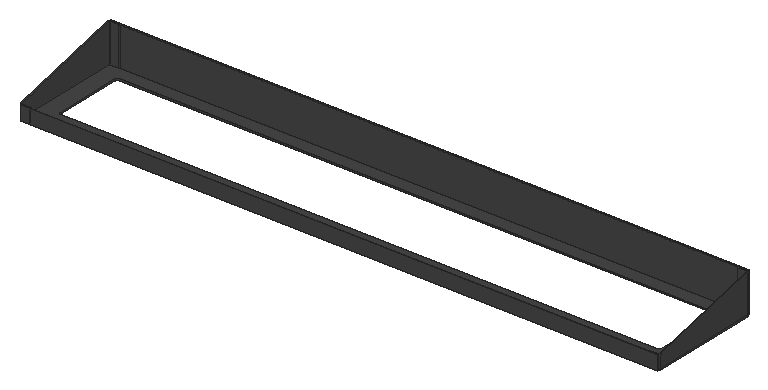
Revit family "NBS_DudleyIndustriesLimited_BthrmCbnts_ModuloSlimlineBehindTheMirrorHandHygieneSystemBaseShelf_92404BK", category Casework, Revit 2019
Family settings
  Work Plane-Based = No
  Always vertical = Yes
  Cut with Voids When Loaded = No
  Shared = No
  Room Calculation Point = No
Parameters
  WarrantyStartDate [instance] = "1900-12-31T23:59:59"
  WarrantyGuarantorParts = "n/a"
  WarrantyGuarantorLabor = "n/a"
  WarrantyDurationUnit = "year"
  WarrantyDurationParts = "n/a"
  WarrantyDurationLabor = "n/a"
  WarrantyDescription = "Ten year"
  Version = "1"  # constant formula
  Uniclass2015Version = "Products v1.22"
  Uniclass2015Title = "Bathroom cabinets"
  Uniclass2015Code = "Pr_40_30_87_03"
  TagNumber [instance] = "n/a"
  SustainabilityPerformance = "n/a"
  SizeNominal = "1196 x 75 x 212 mm"
  Size = "1196 x 75 x 212 mm"
  ShelvesMaterial = "n/a"
  ShelvesFinishAndColour = "n/a"
  ShelvesArrangement = "n/a"
  ShelfWidth = 1196 mm
  ShelfMaterial = NBS_DudleyIndustriesLimited_StainlessSteel_MatteBlackPowderCoated
  ShelfHeight = 75 mm  # constant formula
  ShelfDepth = 212 mm  # constant formula
  Shape = "Rectangle"
  SerialNumber [instance] = "n/a"
  ReplacementCost = "n/a"
  RecycledContent = "n/a"
  Recyclability = "n/a"
  ProductInformation = "n/a"
  NominalWidth = 1196 mm
  NominalLength = 0 mm
  NominalHeight = 75 mm
  Name = "BathroomCabinets_ModuloSlimlineBehindTheMirrorHandHygieneSystemBaseShelf_92404BK_DudleyIndustriesLimited"
  NBSCertification = "www.nationalbimlibrary.com/cert/nrjfsg3y"
  ModelReference = "92404BK Modulo Slimline Base Shelf"
  ModelNumber = "n/a"
  Material = "Stainless steel"
  ManufacturerURL = "www.dudleyindustries.com"
  ManufacturerName = "Dudley Industries Limited"  # constant formula
  Manufacturer = "sales@dudleyindustries.com"
  IntegralAccessories = "Hairdryers.,Paper towel dispenser.,Soap dispensers"
  InstallationDate [instance] = "1900-12-31T23:59:59"
  IfcExportType = "NOTDEFINED"  # constant formula
  IfcExportAs = "IfcFurnitureType"  # constant formula
  Grade = "n/a"
  Form = "Fixed to wall bracket"
  Finish = "Powder-coated"
  Features = "n/a"
  ExpectedLife = "n/a"
  EmbodiedCarbon = "n/a"
  DurationUnit = "year"
  DoorsMaterial = "n/a"
  DoorsHinges = "n/a"
  DoorsHandles = "n/a"
  DoorsFinishAndColour = "n/a"
  DoorsEdges = "n/a"
  DoorsArrangement = "n/a"
  Description = "Bathroom cabinet"
  CountryOfProductManufacture = "n/a"
  CountryOfMaterialOrigin = "n/a"
  ContainsRedListMaterials = "n/a"
  Constituents = "n/a"
  Color = "Black"
  CodePerformance = "n/a"
  Category = "Pr_40_30_87_03:Bathroom cabinets"
  CarcassMaterials = "Stainless steel"
  CarcassFinishAndColour = "Matte black powder coated"
  BlankingPlates = "Not required.,Required"
  BarCode [instance] = "n/a"
  BIMObjectName = "NBS_DudleyIndustriesLimited_BathroomCabinets_ModuloSlimlineBehindTheMirrorHandHygieneSystemBaseShelf_92404BK"
  Author = "NBS"  # constant formula
  AssetType = "Fixed"
  AssetIdentifier [instance] = "n/a"
  AccessibilityPerformance = "n/a"
Reference planes
  plane 1 "Center (Front/Back)": y = 0
  plane 2 "Bottom": z = 0
  plane 3 "Center (Left/Right)": x = 0
  plane 4 "Left": x = -598
  plane 5 "Right": x = 598
  plane 6 "Back": y = 106
  plane 7 "Front": y = -106
  plane 8 "Top": z = 75
  plane 9: z = 26
  plane 10: y = 103.8
  plane 11: y = -103.8
  plane 12: z = 2.2
  plane 13: x = 596.8
  plane 14: x = -596.8
  plane 15: y = 104.25
  plane 16: y = 103.05
  plane 17: y = -104.25
  plane 18: y = -103.05
  plane 19: x = 578.8
  plane 20: x = -578.8
  plane 21: z = 85
  plane 22: z = 95
  plane 23: x = 595.8
  plane 24: x = -595.8
  plane 25: y = 78.4
  plane 26: y = -59.6
  plane 27: x = -562
  plane 28: x = 562
Forms (mm)
  Extrusion 1, solid, material "NBS_DudleyIndustriesLimited_StainlessSteel_MatteBlackPowderCoated" <- "ShelfMaterial", detail levels medium+fine
    sketch origin (0, 0, 0) x (-1, 0, 0) y (0, -1, 0)
      loop
        line (578.8, -103.05) -> (578.8, -104.25) -> (595.835, -104.25)
        arc (595.835, -104.25) -> (597.366, -103.616) -> (598, -102.085) r 2.165
        line (598, -102.085) -> (598, 102.085)
        arc (598, 102.085) -> (597.366, 103.616) -> (595.835, 104.25) r 2.165
        line (595.835, 104.25) -> (578.8, 104.25) -> (578.8, 103.05) -> (595.799, 103.05)
        arc (595.799, 103.05) -> (596.507, 102.757) -> (596.8, 102.049) r 1.001
        line (596.8, 102.049) -> (596.8, -102.049)
        arc (596.8, -102.049) -> (596.507, -102.757) -> (595.799, -103.05) r 1.001
        line (595.799, -103.05) -> (578.8, -103.05)
    from 2.2 to 85
  Extrusion 2, solid, material "NBS_DudleyIndustriesLimited_StainlessSteel_MatteBlackPowderCoated" <- "ShelfMaterial", detail levels medium+fine
    sketch origin (0, 0, 0) x (1, 0, 0) y (0, 1, 0)
      loop
        line (578.8, 103.05) -> (595.799, 103.05)
        arc (595.799, 103.05) -> (596.507, 102.757) -> (596.8, 102.049) r 1.001
        line (596.8, 102.049) -> (596.8, -102.049)
        arc (596.8, -102.049) -> (596.507, -102.757) -> (595.799, -103.05) r 1.001
        line (595.799, -103.05) -> (578.8, -103.05) -> (578.8, -104.25) -> (595.835, -104.25)
        arc (595.835, -104.25) -> (597.366, -103.616) -> (598, -102.085) r 2.165
        line (598, -102.085) -> (598, 102.085)
        arc (598, 102.085) -> (597.366, 103.616) -> (595.835, 104.25) r 2.165
        line (595.835, 104.25) -> (578.8, 104.25) -> (578.8, 103.05)
    from 2.2 to 85
  Extrusion 3, void
    sketch origin (0, 0, 0) x (0, 1, 0) y (0, 0, 1)
      loop
        line (-104.25, 26) -> (104.25, 75) -> (104.25, 95) -> (-104.25, 95) -> (-104.25, 26)
    from -598 to 598
  Extrusion 4, solid, material "NBS_DudleyIndustriesLimited_StainlessSteel_MatteBlackPowderCoated" <- "ShelfMaterial", detail levels medium+fine
    sketch origin (0, 0, 0) x (1, 0, 0) y (0, 1, 0)
      loop
        line (-595.8, -104.25) -> (-595.8, -106) -> (595.8, -106) -> (595.8, -104.25) -> (-595.8, -104.25)
    from 0 to 26
  Extrusion 5, solid, material "NBS_DudleyIndustriesLimited_StainlessSteel_MatteBlackPowderCoated" <- "ShelfMaterial", detail levels medium+fine
    sketch origin (0, 0, 0) x (1, 0, 0) y (0, 1, 0)
      loop
        line (-595.8, 104.25) -> (595.8, 104.25) -> (595.8, 106) -> (-595.8, 106) -> (-595.8, 104.25)
    from 0 to 75
  Extrusion 6, solid, material "NBS_DudleyIndustriesLimited_StainlessSteel_MatteBlackPowderCoated" <- "ShelfMaterial", detail levels medium+fine
    sketch origin (0, 0, 0) x (1, 0, 0) y (0, 1, 0)
      loop
        arc (-595.835, 104.25) -> (-597.366, 103.616) -> (-598, 102.085) r 2.165
        line (-598, 102.085) -> (-598, -102.085)
        arc (-598, -102.085) -> (-597.366, -103.616) -> (-595.835, -104.25) r 2.165
        line (-595.835, -104.25) -> (595.835, -104.25)
        arc (595.835, -104.25) -> (597.366, -103.616) -> (598, -102.085) r 2.165
        line (598, -102.085) -> (598, 102.085)
        arc (598, 102.085) -> (597.366, 103.616) -> (595.835, 104.25) r 2.165
        line (595.835, 104.25) -> (-595.835, 104.25)
      loop
        arc (-557, 78.4) -> (-560.536, 76.936) -> (-562, 73.4) r 5
        line (-562, 73.4) -> (-562, -54.6)
        arc (-562, -54.6) -> (-560.536, -58.136) -> (-557, -59.6) r 5
        line (-557, -59.6) -> (557, -59.6)
        arc (557, -59.6) -> (560.536, -58.136) -> (562, -54.6) r 5
        line (562, -54.6) -> (562, 73.4)
        arc (562, 73.4) -> (560.536, 76.936) -> (557, 78.4) r 5
        line (557, 78.4) -> (-557, 78.4)
    from 0 to 2.2
  Extrusion 7, solid, material "NBS_DudleyIndustriesLimited_StainlessSteel_MatteBlackPowderCoated" <- "ShelfMaterial", detail levels coarse
    sketch origin (0, 0, 0) x (1, 0, 0) y (0, 1, 0)
      loop
        line (-598, 106) -> (-598, -106) -> (598, -106) -> (598, 106) -> (-598, 106)
    from 0 to 2.2
  Extrusion 8, solid, material "NBS_DudleyIndustriesLimited_StainlessSteel_MatteBlackPowderCoated" <- "ShelfMaterial", detail levels coarse
    sketch origin (0, 0, 0) x (1, 0, 0) y (0, 1, 0)
      loop
        line (-598, 106) -> (-598, -106) -> (598, -106) -> (598, 106) -> (-598, 106)
      loop
        line (-596.8, 104.25) -> (-596.8, -104.25) -> (596.8, -104.25) -> (596.8, 104.25) -> (-596.8, 104.25)
    from 2.2 to 85
  Extrusion 9, void
    sketch origin (0, 0, 0) x (0, 1, 0) y (0, 0, 1)
      loop
        line (-104.25, 26) -> (104.25, 75) -> (106, 75) -> (106, 95) -> (-106, 95) -> (-106, 26) -> (-104.25, 26)
    from -598 to 598
Cuts and joins
  Extrusion 3 cuts Extrusion 2
  Extrusion 3 cuts Extrusion 1
  Extrusion 9 cuts Extrusion 8
Dimensions and locks
  equal spacing: plane 4 "Left", plane 3 "Center (Left/Right)", plane 5 "Right"
  "ShelfWidth": plane 4 "Left" to plane 5 "Right"
  "ShelfDepth": plane 7 "Front" to plane 6 "Back"
  plane 4 "Left" to plane 14 to plane 24 to plane 20 to plane 27 = 1.2 mm locked, 1 mm locked, 17 mm locked, 16.8 mm locked
  plane 28 to plane 19 to plane 23 to plane 13 to plane 5 "Right" = 16.8 mm locked, 17 mm locked, 1 mm locked, 1.2 mm locked
  "ShelfHeight": plane 8 "Top" to plane 2 "Bottom"
  radius of Extrusion 1 sketch curve = 1.001 mm  (x2)
  radius of Extrusion 1 sketch curve = 2.165 mm  (x2)
  radius of Extrusion 2 sketch curve = 1.001 mm  (x2)
  radius of Extrusion 2 sketch curve = 2.165 mm  (x2)
  radius of Extrusion 6 sketch curve = 2.165 mm  (x4)
  radius of Extrusion 6 sketch curve = 5 mm  (x4)
  aligned and locked: level to plane 2 "Bottom"
  aligned and locked: Extrusion 1 sketch curve to plane 15
  aligned and locked: plane 16 to Extrusion 1 sketch curve
  aligned and locked: Extrusion 1 sketch curve to plane 18
  aligned and locked: plane 17 to Extrusion 1 sketch curve
  aligned and locked: plane 4 "Left" to Extrusion 1 sketch curve
  aligned and locked: Extrusion 1 sketch curve to plane 14
  aligned and locked: Extrusion 1 sketch curve to plane 20  (x2)
  aligned and locked: plane 21 to Extrusion 1
  aligned and locked: Extrusion 2 sketch curve to plane 15
  aligned and locked: plane 16 to Extrusion 2 sketch curve
  aligned and locked: Extrusion 2 sketch curve to plane 13
  aligned and locked: plane 5 "Right" to Extrusion 2 sketch curve
  aligned and locked: plane 19 to Extrusion 2 sketch curve  (x2)
  aligned and locked: Extrusion 2 sketch curve to plane 18
  aligned and locked: plane 17 to Extrusion 2 sketch curve
  aligned and locked: plane 21 to Extrusion 2
  aligned and locked: plane 22 to Extrusion 3
  aligned and locked: Extrusion 3 to plane 4 "Left"
  aligned and locked: plane 5 "Right" to Extrusion 3
  aligned and locked: Extrusion 4 sketch curve to plane 17
  aligned and locked: plane 24 to Extrusion 4 sketch curve
  aligned and locked: plane 23 to Extrusion 4 sketch curve
  aligned and locked: Extrusion 4 to plane 2 "Bottom"
  aligned and locked: plane 9 to Extrusion 4
  aligned and locked: Extrusion 4 sketch curve to plane 7 "Front"
  aligned and locked: Extrusion 5 sketch curve to plane 6 "Back"
  aligned and locked: Extrusion 5 sketch curve to plane 15
  aligned and locked: Extrusion 5 sketch curve to plane 24
  aligned and locked: Extrusion 5 sketch curve to plane 23
  aligned and locked: Extrusion 5 to plane 2 "Bottom"
  aligned and locked: plane 8 "Top" to Extrusion 5
  aligned and locked: Extrusion 6 sketch curve to plane 28
  aligned and locked: Extrusion 6 sketch curve to plane 25
  aligned and locked: Extrusion 6 sketch curve to plane 26
  aligned and locked: Extrusion 6 sketch curve to plane 27
  aligned and locked: plane 4 "Left" to Extrusion 6 sketch curve
  aligned and locked: Extrusion 6 sketch curve to plane 17
  aligned and locked: Extrusion 6 sketch curve to plane 15
  aligned and locked: Extrusion 6 sketch curve to plane 5 "Right"
  aligned and locked: plane 12 to Extrusion 6
  aligned and locked: Extrusion 6 to plane 2 "Bottom"
  aligned and locked: cut or joined group of Extrusion 1, Extrusion 3 to plane 12
  aligned and locked: cut or joined group of Extrusion 2, Extrusion 3 to plane 12
  aligned and locked: Extrusion 7 sketch curve to plane 5 "Right"
  aligned and locked: Extrusion 7 sketch curve to plane 7 "Front"
  aligned and locked: plane 4 "Left" to Extrusion 7 sketch curve
  aligned and locked: plane 6 "Back" to Extrusion 7 sketch curve
  aligned and locked: plane 12 to Extrusion 7
  aligned and locked: Extrusion 7 to plane 2 "Bottom"
  aligned and locked: Extrusion 8 sketch curve to plane 5 "Right"
  aligned and locked: Extrusion 8 sketch curve to plane 7 "Front"
  aligned and locked: plane 4 "Left" to Extrusion 8 sketch curve
  aligned and locked: plane 6 "Back" to Extrusion 8 sketch curve
  aligned and locked: Extrusion 8 sketch curve to plane 17
  aligned and locked: Extrusion 8 sketch curve to plane 13
  aligned and locked: plane 14 to Extrusion 8 sketch curve
  aligned and locked: Extrusion 8 sketch curve to plane 15
  aligned and locked: Extrusion 8 to plane 12
  aligned and locked: plane 21 to Extrusion 8
  aligned and locked: Extrusion 9 sketch curve to plane 7 "Front"
  aligned and locked: plane 22 to Extrusion 9 sketch curve
  aligned and locked: Extrusion 9 sketch curve to plane 6 "Back"
  aligned and locked: Extrusion 9 sketch curve to plane 8 "Top"
  aligned and locked: plane 9 to Extrusion 9 sketch curve
  aligned and locked: Extrusion 9 to plane 4 "Left"
  aligned and locked: plane 5 "Right" to Extrusion 9
Automatic sketch dimensions
  Extrusion 3 sketch curve to plane 17 = 0 mm
  Extrusion 3 sketch curve to plane 15 = 0 mm
  Extrusion 3 sketch curve to plane 9 = 0 mm
  Extrusion 3 sketch curve to plane 8 "Top" = 0 mm
  Extrusion 3 sketch curve to plane 22 = 0 mm
  Extrusion 9 sketch curve to plane 17 = 0 mm
  Extrusion 9 sketch curve to plane 15 = 0 mm
